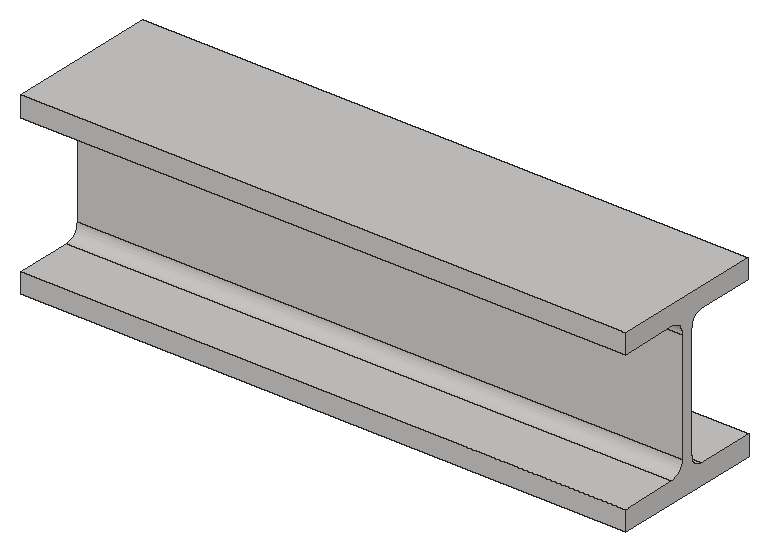
Revit family "NLRS_28_SFR_HEM", category Structural Framing, Revit 2020
Family settings
  Structural Framing Length Roundoff = 0 mm
  Section Shape = I-shape Wide Flange
  Material for Model Behavior = Steel
  Always export as geometry = No
  Code Name = EURONORM 53-62; DIN 1025-4
  Always vertical = Yes
  Cut with Voids When Loaded = No
  Symbolic Representation = From Project Settings
  Shared = No
  Show family pre-cut in plan views = Yes
Parameters (values of type "HEM320")
  Width = 309 mm
  Web Thickness = 21 mm
  Web Fillet = 27 mm
  Warping Constant = (empty or 0)
  Type Comments = ""
  Torsional Moment of Inertia = 0 cm⁴
  Structural Material [instance] = h3_Structural Steel - S235
  Section Name Key = "HEM320"
  Section Area = 312.0 cm²
  Plastic Modulus weak axis = 1951 cm³
  Plastic Modulus strong axis = 4435 cm³
  Perimeter = 6.1352 (stored number, unit not read)
  Nominal Weight = 2402.6 N/m
  Moment of Inertia weak axis = 19710 cm⁴
  Moment of Inertia strong axis = 68130 cm⁴
  Height = 359 mm
  Flange Thickness = 40 mm
  Elastic Modulus weak axis = 1280 cm³
  Elastic Modulus strong axis = 3800 cm³
  Centroid Vertical = Height / 2  # 179.5 mm
  Centroid Horizontal = Width / 2  # 154.5 mm
  Bolt Spacing = 145 mm
  Assembly Code = "2B(28.10)"
  Length [instance] = 1500 mm
Types (24, lengths in mm): name | Width | Web Thickness | Web Fillet | Section Name Key | Section Area | Plastic Modulus weak axis | Plastic Modulus strong axis | Perimeter | Nominal Weight | Moment of Inertia weak axis | Moment of Inertia strong axis | Height | Flange Thickness | Elastic Modulus weak axis | Elastic Modulus strong axis | Centroid Vertical | Centroid Horizontal | Bolt Spacing
  HEM320 | 309 | 21 | 27 | "HEM320" | 312.0 cm² | 1951 cm³ | 4435 cm³ | 6.1352 (stored number, unit not read) | 2402.6 N/m | 19710 cm⁴ | 68130 cm⁴ | 359 | 40 | 1280 cm³ | 3800 cm³ | 179.5 | 154.5 | 145
  HEM1000 | 302 | 21 | 30 | "HEM1000" | 444.0 cm² | 1940 cm³ | 16570 cm³ | 10.269 (stored number, unit not read) | 3422.5 N/m | 18460 cm⁴ | 722300 cm⁴ | 1008 | 40 | 1220 cm³ | 14330 cm³ | 504 | 151 | 151
  HEM900 | 302 | 21 | 30 | "HEM900" | 424.0 cm² | 1929 cm³ | 14440 cm³ | 9.6129 (stored number, unit not read) | 3265.6 N/m | 18450 cm⁴ | 570400 cm⁴ | 910 | 40 | 1220 cm³ | 12540 cm³ | 455 | 151 | 151
  HEM800 | 303 | 21 | 30 | "HEM800" | 404.0 cm² | 1930 cm³ | 12490 cm³ | 9.0223 (stored number, unit not read) | 3108.7 N/m | 18630 cm⁴ | 442600 cm⁴ | 814 | 40 | 1230 cm³ | 10870 cm³ | 407 | 151.5 | 151
  HEM700 | 304 | 21 | 27 | "HEM700" | 383.0 cm² | 1929 cm³ | 10540 cm³ | 8.399 (stored number, unit not read) | 2951.8 N/m | 18800 cm⁴ | 329300 cm⁴ | 716 | 40 | 1240 cm³ | 9200 cm³ | 358 | 152 | 145
  HEM650 | 305 | 21 | 27 | "HEM650" | 374.0 cm² | 1936 cm³ | 9657 cm³ | 8.1037 (stored number, unit not read) | 2873.3 N/m | 18980 cm⁴ | 281700 cm⁴ | 668 | 40 | 1240 cm³ | 8430 cm³ | 334 | 152.5 | 145
  HEM600 | 305 | 21 | 27 | "HEM600" | 364.0 cm² | 1930 cm³ | 8772 cm³ | 7.7756 (stored number, unit not read) | 2794.9 N/m | 18970 cm⁴ | 237400 cm⁴ | 620 | 40 | 1240 cm³ | 7660 cm³ | 310 | 152.5 | 145
  HEM550 | 306 | 21 | 27 | "HEM550" | 354.0 cm² | 1937 cm³ | 7933 cm³ | 7.4803 (stored number, unit not read) | 2726.2 N/m | 19160 cm⁴ | 198000 cm⁴ | 572 | 40 | 1250 cm³ | 6920 cm³ | 286 | 153 | 145
  HEM500 | 306 | 21 | 27 | "HEM500" | 344.0 cm² | 1932 cm³ | 7094 cm³ | 7.1522 (stored number, unit not read) | 2647.8 N/m | 19150 cm⁴ | 161900 cm⁴ | 524 | 40 | 1250 cm³ | 6180 cm³ | 262 | 153 | 145
  HEM450 | 307 | 21 | 27 | "HEM450" | 335.0 cm² | 1939 cm³ | 6331 cm³ | 6.8898 (stored number, unit not read) | 2579.1 N/m | 19340 cm⁴ | 131500 cm⁴ | 478 | 40 | 1260 cm³ | 5500 cm³ | 239 | 153.5 | 145
  HEM400 | 307 | 21 | 27 | "HEM400" | 326.0 cm² | 1934 cm³ | 5571 cm³ | 6.5617 (stored number, unit not read) | 2510.5 N/m | 19330 cm⁴ | 104100 cm⁴ | 432 | 40 | 1260 cm³ | 4820 cm³ | 216 | 153.5 | 145
  HEM360 | 308 | 21 | 27 | "HEM360" | 319.0 cm² | 1942 cm³ | 4989 cm³ | 6.332 (stored number, unit not read) | 2451.7 N/m | 19520 cm⁴ | 84870 cm⁴ | 395 | 40 | 1270 cm³ | 4300 cm³ | 197.5 | 154 | 145
  HEM340 | 309 | 21 | 27 | "HEM340" | 316.0 cm² | 1953 cm³ | 4718 cm³ | 6.2336 (stored number, unit not read) | 2432 N/m | 19710 cm⁴ | 76370 cm⁴ | 377 | 40 | 1280 cm³ | 4050 cm³ | 188.5 | 154.5 | 145
  HEM300 | 310 | 21 | 27 | "HEM300" | 303.0 cm² | 1913 cm³ | 4078 cm³ | 6.0039 (stored number, unit not read) | 2334 N/m | 19400 cm⁴ | 59200 cm⁴ | 340 | 39 | 1250 cm³ | 3480 cm³ | 170 | 155 | 145
  HEM280 | 288 | 18.5 | 24 | "HEM280" | 240.0 cm² | 1397 cm³ | 2966 cm³ | 5.5446 (stored number, unit not read) | 1853.4 N/m | 13160 cm⁴ | 39550 cm⁴ | 310 | 33 | 914 cm³ | 2550 cm³ | 155 | 144 | 137
  HEM260 | 268 | 18 | 24 | "HEM260" | 220.0 cm² | 1192 cm³ | 2524 cm³ | 5.1509 (stored number, unit not read) | 1686.7 N/m | 10450 cm⁴ | 31310 cm⁴ | 290 | 32.5 | 780 cm³ | 2160 cm³ | 145 | 134 | 136
  HEM240 | 248 | 18 | 21 | "HEM240" | 200.0 cm² | 1006 cm³ | 2117 cm³ | 4.79 (stored number, unit not read) | 1539.6 N/m | 8150 cm⁴ | 24290 cm⁴ | 270 | 32 | 657 cm³ | 1800 cm³ | 135 | 124 | 130
  HEM220 | 226 | 15.5 | 18 | "HEM220" | 149.0 cm² | 678.6 cm³ | 1419 cm³ | 4.3307 (stored number, unit not read) | 1147.4 N/m | 5010 cm⁴ | 14600 cm⁴ | 240 | 26 | 444 cm³ | 1220 cm³ | 120 | 113 | 122
  HEM200 | 206 | 15 | 18 | "HEM200" | 131.0 cm² | 543.2 cm³ | 1135 cm³ | 3.937 (stored number, unit not read) | 1010.1 N/m | 3650 cm⁴ | 10640 cm⁴ | 220 | 25 | 354 cm³ | 967 cm³ | 110 | 103 | 121
  HEM180 | 186 | 14.5 | 15 | "HEM180" | 113.0 cm² | 425.2 cm³ | 883.4 cm³ | 3.5761 (stored number, unit not read) | 871.81 N/m | 2580 cm⁴ | 7480 cm⁴ | 200 | 24 | 277 cm³ | 748 cm³ | 100 | 93 | 115
  HEM160 | 166 | 14 | 15 | "HEM160" | 97.1 cm² | 325.5 cm³ | 674.6 cm³ | 3.1824 (stored number, unit not read) | 747.26 N/m | 1760 cm⁴ | 5100 cm⁴ | 180 | 23 | 212 cm³ | 566 cm³ | 90 | 83 | 95
  HEM140 | 146 | 13 | 12 | "HEM140" | 80.6 cm² | 240.5 cm³ | 493.8 cm³ | 2.8117 (stored number, unit not read) | 619.78 N/m | 1140 cm⁴ | 3290 cm⁴ | 160 | 22 | 157 cm³ | 411 cm³ | 80 | 73 | 88
  HEM120 | 126 | 12.5 | 12 | "HEM120" | 66.4 cm² | 171.6 cm³ | 350.6 cm³ | 2.4213 (stored number, unit not read) | 510.92 N/m | 703 cm⁴ | 2020 cm⁴ | 140 | 21 | 112 cm³ | 288 cm³ | 70 | 63 | 83
  HEM100 | 106 | 12 | 12 | "HEM100" | 53.2 cm² | 116.3 cm³ | 235.8 cm³ | 2.0308 (stored number, unit not read) | 409.92 N/m | 399 cm⁴ | 1140 cm⁴ | 120 | 20 | 75.3 cm³ | 190 cm³ | 60 | 53 | 73
Reference planes
  plane 1 "Center (Front/Back)": y = 0
  plane 2: z = 0
  plane 3 "Center (Left/Right)": x = 4.61
  plane 4 "Member Left": x = -604.99
  plane 5 "Member Right": x = 614.21
  plane 6: y = 154.5
  plane 7: y = -154.5
  plane 8 "Top": z = 179.5
  plane 9: z = -179.5
  plane 10 "Right": x = 766.61
  plane 11 "Left": x = -733.39
  plane 12: z = 139.5
  plane 13: y = 10.5
  plane 14: y = -10.5
Forms (mm)
  Sweep 1, solid, material "h3_Structural Steel - S235" <- "Structural Material", detail levels fine
    path origin (0, 0, 0) x (1, 0, 0) y (0, 1, 0)
      loop
        line (614.21, 0) -> (-604.99, 0)
    profile "HP-Bearing Pile-Profile-Fine : HP-Bearing Pile-Profile-Fine" origin (4.61, 0, 0) x (0, -1, 0) y (0, 0, 1)
      loop
        line (-154.5, -179.5) -> (154.5, -179.5) -> (154.5, -139.5) -> (37.5, -139.5)
        arc (37.5, -139.5) -> (18.408, -131.592) -> (10.5, -112.5) r 27
        line (10.5, -112.5) -> (10.5, 112.5)
        arc (10.5, 112.5) -> (18.408, 131.592) -> (37.5, 139.5) r 27
        line (37.5, 139.5) -> (154.5, 139.5) -> (154.5, 179.5) -> (-154.5, 179.5) -> (-154.5, 139.5) -> (-37.5, 139.5)
        arc (-37.5, 139.5) -> (-18.408, 131.592) -> (-10.5, 112.5) r 27
        line (-10.5, 112.5) -> (-10.5, -112.5)
        arc (-10.5, -112.5) -> (-18.408, -131.592) -> (-37.5, -139.5) r 27
        line (-37.5, -139.5) -> (-154.5, -139.5) -> (-154.5, -179.5)
  Sweep 2, solid, material "h3_Structural Steel - S235" <- "Structural Material", detail levels medium
    path origin (0, 0, 0) x (1, 0, 0) y (0, 1, 0)
      loop
        line (614.21, 0) -> (-604.99, 0)
    profile "HP-Bearing Pile-Profile-Medium : HP-Bearing Pile-Profile-Medium" origin (4.61, 0, 0) x (0, -1, 0) y (0, 0, 1)
      loop
        line (-154.5, -179.5) -> (154.5, -179.5) -> (154.5, -139.5) -> (10.5, -139.5) -> (10.5, 139.5) -> (154.5, 139.5) -> (154.5, 179.5) -> (-154.5, 179.5) -> (-154.5, 139.5) -> (-10.5, 139.5) -> (-10.5, -139.5) -> (-154.5, -139.5) -> (-154.5, -179.5)
Lines and regions (mm)
  symbolic lines, style "Hidden Faces", detail levels medium+fine
    curve 1: line (614.21, -10.5, 0) -> (-604.99, -10.5, 0)
    curve 2: line (614.21, 10.5, 0) -> (-604.99, 10.5, 0)
  symbolic lines, style "Stick Symbols", detail levels coarse
    curve 3: line (4.61, 154.5, 179.5) -> (4.61, -154.5, 179.5)
    curve 4: line (4.61, -154.5, -179.5) -> (4.61, 154.5, -179.5)
    curve 5: line (4.61, 0, -179.5) -> (4.61, 0, 179.5)
  model lines, style "28_hartlijn_staal"
    curve 6: line (-604.99, 0, 179.5) -> (614.21, 0, 179.5)
Dimensions and locks
  "Width": plane 6 to plane 7
  "Height": plane 9 to plane 8 "Top"
  equal spacing: plane 9, plane 2, plane 8 "Top"
  equal spacing: plane 6, plane 1 "Center (Front/Back)", plane 7
  "Length": plane 11 "Left" to plane 10 "Right"
  "Flange Thickness": plane 8 "Top" to plane 12
  equal spacing: plane 13, plane 1 "Center (Front/Back)", plane 14
  "Web Thickness": plane 13 to plane 14
  aligned and locked: Sweep 1 sketch curve to plane 1 "Center (Front/Back)"
  aligned and locked: Sweep 2 sketch curve to plane 1 "Center (Front/Back)"
  aligned and locked: Sweep 2 to curve 3
  aligned and locked: Sweep 2 to curve 4
  aligned and locked: curve 2 to plane 13
  aligned and locked: curve 1 to plane 14
  aligned and locked: plane 6 to curve 3
  aligned and locked: plane 7 to curve 3
  aligned and locked: plane 1 "Center (Front/Back)" to curve 5
  aligned and locked: plane 6 to curve 4
  aligned and locked: plane 7 to curve 4
  aligned and locked: plane 9 to curve 5
  aligned and locked: plane 8 "Top" to curve 5
  aligned and locked: plane 4 "Member Left" to Sweep 1 sketch curve
  aligned and locked: plane 5 "Member Right" to Sweep 1 sketch curve
  aligned and locked: plane 4 "Member Left" to Sweep 2 sketch curve
  aligned and locked: plane 5 "Member Right" to Sweep 2 sketch curve
  aligned and locked: plane 4 "Member Left" to curve 1
  aligned and locked: plane 5 "Member Right" to curve 1
  aligned and locked: plane 4 "Member Left" to curve 2
  aligned and locked: plane 5 "Member Right" to curve 2
  aligned and locked: Sweep 1 to plane 8 "Top"
  aligned and locked: Sweep 1 to plane 7  (x2)
  aligned and locked: plane 6 to Sweep 1  (x2)
  aligned and locked: Sweep 1 to plane 12  (x2)
  aligned and locked: Sweep 1 to plane 13
  aligned and locked: plane 14 to Sweep 1
  aligned and locked: plane 9 to Sweep 1
  aligned and locked: Sweep 2 to plane 12  (x4)
  aligned and locked: plane 6 to Sweep 2
  aligned and locked: Sweep 2 to plane 7
  aligned and locked: plane 5 "Member Right" to curve 6
  aligned and locked: plane 4 "Member Left" to curve 6
  aligned and locked: plane 1 "Center (Front/Back)" to curve 6
